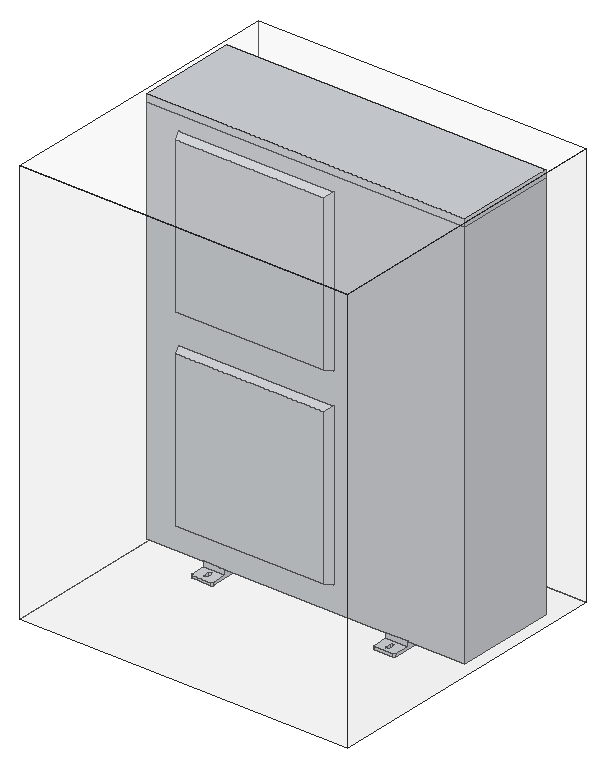
Revit family "puz-zrmp80sha_280ka12_50Hz", category 機械設備, Revit 2019 (continued)
Definition of nested family "PUZ-ZRMP-3"
  Dimensions and locks
    aligned and locked: Blend 4 sketch curve to plane 46
    aligned and locked: Blend 4 sketch curve to plane 48
    aligned and locked: Blend 4 to plane 8
    aligned and locked: plane 38 to Blend 4
    aligned and locked: curve 17 to plane 49
    aligned and locked: curve 1 to plane 49
    aligned and locked: plane 49 to curve 19
    aligned and locked: curve 18 to plane 50
    aligned and locked: plane 50 to curve 2
    aligned and locked: plane 50 to curve 20
    aligned and locked: plane 57 to Extrusion 5 sketch curve
    aligned and locked: plane 53 to Extrusion 5 sketch curve
    aligned and locked: plane 58 to Extrusion 6 sketch curve
    aligned and locked: plane 56 to Extrusion 6 sketch curve
    aligned and locked: plane 61 to Extrusion 7 sketch curve
    aligned and locked: plane 54 to Extrusion 7 sketch curve
    aligned and locked: plane 55 to Extrusion 7
    aligned and locked: Extrusion 7 to plane 62
    aligned and locked: plane 64 to Extrusion 6
    aligned and locked: plane 63 to Extrusion 5
    aligned and locked: Extrusion 6 to plane 60
    aligned and locked: Extrusion 5 to plane 59
    aligned and locked: plane 66 to Extrusion 8 sketch curve
    aligned and locked: plane 65 to Extrusion 8 sketch curve
    aligned and locked: Extrusion 8 to plane 60
    aligned and locked: plane 64 to Extrusion 8
    aligned and locked: Blend 9 sketch curve to plane 71
    aligned and locked: Blend 9 sketch curve to plane 72
    aligned and locked: Blend 9 sketch curve to plane 42
    aligned and locked: Blend 9 sketch curve to plane 41
    aligned and locked: plane 45 to Blend 9 sketch curve
    aligned and locked: Blend 9 sketch curve to plane 46
    aligned and locked: Blend 9 sketch curve to plane 73
    aligned and locked: plane 74 to Blend 9 sketch curve
    aligned and locked: Blend 9 to plane 8
    aligned and locked: plane 38 to Blend 9
    aligned and locked: plane 22 to Extrusion 10 sketch curve
    aligned and locked: plane 21 to Extrusion 10 sketch curve
    aligned and locked: Extrusion 10 sketch curve to Extrusion 1  (x4)
    aligned and locked: Extrusion 10 sketch curve to plane 23
    aligned and locked: Extrusion 10 sketch curve to plane 20
    aligned and locked: plane 24 to Extrusion 10
    aligned and locked: Extrusion 10 to level
    aligned and locked: plane 25 to Extrusion 11
    aligned and locked: Extrusion 11 to plane 26
    aligned and locked: Masking region 1 sketch curve to Extrusion 3  (x4)
    aligned and locked: Masking region 1 sketch curve to cut or joined group of Extrusion 1, Extrusion 10  (x8)
    aligned and locked: Masking region 1 sketch curve to Blend 9  (x3)
    aligned and locked: plane 51 to Extrusion 11 sketch curve
    aligned and locked: plane 52 to Extrusion 11 sketch curve
    aligned and locked: plane 76 to Extrusion 11 sketch curve
    aligned and locked: plane 77 to Extrusion 11 sketch curve
    aligned and locked: plane 78 to Extrusion 11 sketch curve
    aligned and locked: plane 79 to Extrusion 11 sketch curve
    aligned and locked: plane 75 to Extrusion 11 sketch curve  (x4)
  Automatic sketch dimensions
    plane 7 to Extrusion 1 sketch curve = 0 mm  (x2)
    Extrusion 1 sketch curve to plane 18 = 0 mm
    plane 8 to Extrusion 1 sketch curve = 0 mm  (x2)
    Extrusion 1 sketch curve to plane 19 = 0 mm
    Extrusion 1 sketch curve to plane 20 = 0 mm
    Extrusion 1 sketch curve to plane 21 = 0 mm
    curve 187 to curve 188 = 40 mm
    curve 186 to curve 190 = 13.333 mm
    curve 190 to curve 190 = 40 mm
    curve 186 to curve 193 = 0 mm
    curve 186 to curve 188 = 40 mm
    curve 188 to curve 191 = 0 mm
    curve 179 to curve 180 = 40 mm
    curve 178 to curve 182 = 120 mm
    curve 182 to curve 182 = 40 mm
    curve 178 to curve 185 = 0 mm
    curve 178 to curve 180 = 40 mm
    curve 182 to curve 183 = 40 mm
    curve 25 to plane 45 = 0 mm
    curve 24 to plane 45 = 0 mm
    curve 22 to plane 45 = 0 mm
    curve 23 to plane 45 = 0 mm
    curve 26 to plane 45 = 0 mm
    curve 21 to plane 45 = 0 mm
    curve 24 to plane 46 = 0 mm
    curve 25 to plane 46 = 0 mm
    curve 26 to plane 46 = 0 mm
    curve 23 to plane 46 = 0 mm
    curve 22 to plane 46 = 0 mm
    curve 21 to plane 46 = 0 mm
    curve 37 to plane 48 = 0 mm
    curve 52 to plane 48 = 0 mm
    curve 51 to plane 48 = 0 mm
    curve 50 to plane 48 = 0 mm
    curve 49 to plane 48 = 0 mm
    curve 48 to plane 48 = 0 mm
    curve 47 to plane 48 = 0 mm
    curve 46 to plane 48 = 0 mm
    curve 45 to plane 48 = 0 mm
    curve 44 to plane 48 = 0 mm
    curve 43 to plane 48 = 0 mm
    curve 42 to plane 48 = 0 mm
    curve 41 to plane 48 = 0 mm
    curve 27 to plane 48 = 0 mm
    curve 28 to plane 48 = 0 mm
    curve 40 to plane 48 = 0 mm
    curve 39 to plane 48 = 0 mm
    curve 29 to plane 48 = 0 mm
    curve 38 to plane 48 = 0 mm
    curve 30 to plane 48 = 0 mm
    curve 53 to plane 48 = 0 mm
    curve 31 to plane 48 = 0 mm
    curve 36 to plane 48 = 0 mm
    curve 32 to plane 48 = 0 mm
    curve 35 to plane 48 = 0 mm
    curve 33 to plane 48 = 0 mm
    curve 34 to plane 48 = 0 mm
    curve 28 to plane 47 = 0 mm
    curve 41 to plane 47 = 0 mm
    curve 27 to plane 47 = 0 mm
    curve 42 to plane 47 = 0 mm
    curve 31 to plane 47 = 0 mm
    curve 40 to plane 47 = 0 mm
    curve 37 to plane 47 = 0 mm
    curve 39 to plane 47 = 0 mm
    curve 32 to plane 47 = 0 mm
    curve 45 to plane 47 = 0 mm
    curve 36 to plane 47 = 0 mm
    curve 46 to plane 47 = 0 mm
    curve 43 to plane 47 = 0 mm
    curve 47 to plane 47 = 0 mm
    curve 29 to plane 47 = 0 mm
    curve 48 to plane 47 = 0 mm
    curve 30 to plane 47 = 0 mm
    curve 49 to plane 47 = 0 mm
    curve 44 to plane 47 = 0 mm
    curve 50 to plane 47 = 0 mm
    curve 33 to plane 47 = 0 mm
    curve 51 to plane 47 = 0 mm
    curve 35 to plane 47 = 0 mm
    curve 52 to plane 47 = 0 mm
    curve 38 to plane 47 = 0 mm
    curve 53 to plane 47 = 0 mm
    curve 34 to plane 47 = 0 mm
    plane 13 to curve 304 = 138 mm
    curve 304 to plane 46 = 0 mm
    curve 307 to plane 45 = 0 mm
    curve 306 to plane 45 = 0 mm
    curve 303 to plane 45 = 0 mm
    curve 308 to plane 45 = 0 mm
    curve 303 to plane 46 = 0 mm
    curve 306 to plane 46 = 0 mm
    curve 307 to plane 46 = 0 mm
    curve 308 to plane 46 = 0 mm
    curve 309 to plane 45 = 0 mm
    curve 309 to plane 46 = 0 mm
    curve 305 to plane 74 = 0 mm
    curve 305 to plane 73 = 0 mm
    curve 310 to plane 74 = 0 mm
    curve 310 to plane 73 = 0 mm
    curve 311 to plane 73 = 0 mm
    curve 311 to plane 74 = 0 mm
    curve 312 to plane 74 = 0 mm
    curve 312 to plane 73 = 0 mm
    curve 313 to plane 74 = 0 mm
    curve 313 to plane 73 = 0 mm
    curve 314 to plane 73 = 0 mm
    curve 314 to plane 74 = 0 mm
    curve 315 to plane 74 = 0 mm
    curve 315 to plane 73 = 0 mm
    curve 316 to plane 73 = 0 mm
    curve 316 to plane 74 = 0 mm
    curve 317 to plane 74 = 0 mm
    curve 317 to plane 73 = 0 mm
    curve 318 to plane 74 = 0 mm
    curve 318 to plane 73 = 0 mm
    curve 319 to plane 74 = 0 mm
    curve 319 to plane 73 = 0 mm
    curve 320 to plane 74 = 0 mm
    curve 320 to plane 73 = 0 mm
    curve 321 to plane 74 = 0 mm
    curve 321 to plane 73 = 0 mm
    curve 322 to plane 73 = 0 mm
    curve 322 to plane 74 = 0 mm
    curve 323 to plane 73 = 0 mm
    curve 323 to plane 74 = 0 mm
    curve 324 to plane 73 = 0 mm
    curve 324 to plane 74 = 0 mm
    curve 325 to plane 74 = 0 mm
    curve 325 to plane 73 = 0 mm
    curve 326 to plane 74 = 0 mm
    curve 326 to plane 73 = 0 mm
    curve 327 to plane 74 = 0 mm
    curve 327 to plane 73 = 0 mm
    curve 328 to plane 74 = 0 mm
    curve 328 to plane 73 = 0 mm
    curve 329 to plane 74 = 0 mm
    curve 329 to plane 73 = 0 mm
    curve 330 to plane 74 = 0 mm
    curve 330 to plane 73 = 0 mm
    curve 331 to plane 74 = 0 mm
    curve 331 to plane 73 = 0 mm
    curve 332 to plane 73 = 0 mm
    curve 332 to plane 74 = 0 mm
    curve 333 to plane 74 = 0 mm
    curve 333 to plane 73 = 0 mm
    curve 334 to plane 73 = 0 mm
    curve 334 to plane 74 = 0 mm
    curve 335 to plane 74 = 0 mm
    curve 335 to plane 73 = 0 mm
    Extrusion 10 sketch curve to plane 18 = 0 mm  (x2)
    plane 8 to Extrusion 10 sketch curve = 0 mm
    plane 23 to Extrusion 10 sketch curve = 0 mm
    plane 22 to Extrusion 10 sketch curve = 0 mm  (x3)
    plane 16 to Extrusion 10 sketch curve = 0 mm  (x3)
    plane 17 to Extrusion 10 sketch curve = 0 mm  (x3)
    Extrusion 10 sketch curve to plane 15 = 0 mm  (x2)
    Extrusion 10 sketch curve to plane 19 = 0 mm  (x2)
    Extrusion 10 sketch curve to plane 14 = 0 mm  (x2)
    plane 7 to Extrusion 10 sketch curve = 0 mm
    Extrusion 10 sketch curve to plane 18 = 5 mm
    plane 15 to Extrusion 10 sketch curve = 6 mm  (x2)
    plane 19 to Extrusion 10 sketch curve = 5 mm
    Extrusion 10 sketch curve to plane 20 = 5 mm
    plane 14 to Extrusion 10 sketch curve = 6 mm  (x2)
    plane 21 to Extrusion 10 sketch curve = 5 mm
    plane 38 to Extrusion 10 sketch curve = 10 mm  (x2)
    plane 19 to Masking region 1 sketch curve = 0 mm
    plane 21 to Masking region 1 sketch curve = 0 mm
    plane 7 to Masking region 1 sketch curve = 0 mm  (x2)
    Masking region 1 sketch curve to plane 20 = 0 mm
    Masking region 1 sketch curve to plane 18 = 0 mm
    plane 8 to Masking region 1 sketch curve = 0 mm  (x2)
    plane 38 to Masking region 1 sketch curve = 0 mm
    curve 352 to plane 6 = 0 mm
    plane 7 to curve 352 = 0 mm
    curve 353 to plane 18 = 0 mm
    curve 348 to plane 18 = 0 mm
    plane 8 to curve 346 = 0 mm
    curve 354 to plane 19 = 0 mm
    curve 347 to plane 19 = 0 mm
    curve 345 to plane 41 = 0 mm
    plane 38 to curve 344 = 0 mm
    curve 344 to plane 46 = 0 mm
    curve 357 to plane 20 = 0 mm
    curve 343 to plane 20 = 0 mm
    curve 358 to plane 21 = 0 mm
    curve 341 to plane 21 = 0 mm
    curve 339 to plane 45 = 0 mm
    curve 339 to plane 42 = 0 mm
    curve 337 to plane 5 = 0 mm
    plane 22 to curve 354 = 0 mm
    plane 22 to curve 358 = 0 mm
    plane 23 to curve 342 = 0 mm
    plane 23 to curve 347 = 0 mm
    curve 11 to plane 65 = 6 mm
    plane 18 to curve 352 = 28.157 mm
    plane 15 to curve 346 = 0.043 mm
    plane 21 to curve 338 = 11.963 mm
    curve 336 to plane 21 = 9.073 mm
    curve 344 to plane 21 = 22.105 mm
    plane 28 to curve 3 = 5 mm
    curve 3 to plane 45 = 38 mm
    curve 1 to plane 45 = 38 mm
    curve 3 to curve 5 = 0 mm
    curve 4 to plane 29 = 5 mm
    curve 372 to plane 65 = 6 mm
    plane 65 to curve 376 = 9 mm
    curve 12 to plane 65 = 6 mm
    curve 20 to plane 53 = 4 mm
    curve 2 to curve 16 = 15 mm
    plane 51 to curve 15 = 5 mm
Definition of nested family "固定点"
  Parameters (values of type "固定点")
    中心円 = if(W > 599 mm, 12 mm, 10 mm)  # 12 mm
    W = 1000 mm
    D = 1000 mm
  Reference planes
    plane 1 "中心(正面/背面)": y = 0
    plane 2: z = 0
    plane 3 "中心(左/右)": x = 0
    plane 4: x = 1000
    plane 5: y = 1000
  Lines and regions (mm)
    symbolic lines, detail levels fine
      curve 1: circle (0, 1000, 0) r 6 normal (0, 0, 1)
      curve 2: circle (0, 0, 0) r 6 normal (0, 0, 1)
      curve 3: circle (1000, 1000, 0) r 6 normal (0, 0, 1)
      curve 4: circle (1000, 0, 0) r 6 normal (0, 0, 1)
      curve 5: line (-200, 1000, 0) -> (1200, 1000, 0)
      curve 6: line (-200, 0, 0) -> (1200, 0, 0)
      curve 7: line (0, 1200, 0) -> (0, -200, 0)
      curve 8: line (1000, 1200, 0) -> (1000, -200, 0)
  Dimensions and locks
    "W": plane 3 "中心(左/右)" to plane 4
    "D": plane 1 "中心(正面/背面)" to plane 5
    "中心円": diameter of curve 1
    "中心円": diameter of curve 2
    "中心円": diameter of curve 3
    "中心円": diameter of curve 4
    aligned and locked: level to plane 2
    aligned and locked: plane 5 to curve 1
    aligned and locked: plane 3 "中心(左/右)" to curve 1
    aligned and locked: plane 3 "中心(左/右)" to curve 2
    aligned and locked: plane 1 "中心(正面/背面)" to curve 2
    aligned and locked: plane 4 to curve 3
    aligned and locked: plane 5 to curve 3
    aligned and locked: plane 1 "中心(正面/背面)" to curve 4
    aligned and locked: plane 4 to curve 4
    aligned and locked: plane 1 "中心(正面/背面)" to curve 6
    aligned and locked: curve 7 to plane 3 "中心(左/右)"
    aligned and locked: curve 8 to plane 4
  Automatic sketch dimensions
    curve 5 to plane 5 = 0 mm
    curve 6 to plane 3 "中心(左/右)" = 200 mm
    curve 5 to plane 3 "中心(左/右)" = 200 mm
    curve 4 to curve 6 = 200 mm
    curve 3 to curve 5 = 200 mm
    plane 1 "中心(正面/背面)" to curve 8 = 200 mm
    plane 1 "中心(正面/背面)" to curve 7 = 200 mm
    curve 3 to curve 8 = 200 mm
    curve 1 to curve 7 = 200 mm
Types (7, lengths in mm): name | 音響パワーレベル（冷）(dB) | 音響パワーレベル(dB) | 電源位置Z | 電源位置X | 電動機出力_送風機 | 電動機出力_圧縮機 | 質量 | 製品質量 | 相 | 消費電力_暖房 | 消費電力_冷房 | 消費電力 | 構成品番 | 極数 | 最小電線太さ_mm2 | 暖房能力 | 推奨ブレーカー容量 | 形名 | 価格 | ドレン　位置Y | ドレン　位置X | 冷房能力 | 冷媒管（ガス）位置X | 冷媒管（液）位置X | 冷媒管（ガス）位置Y | 冷媒管径符号 | 冷媒管位置Z | 冷媒管位置Y | 冷媒管位置X | 冷媒液管径 | 冷媒ガス管径 | Width | URL | Height | Clearance Right | Clearance Left | Clearance Front | Clearance Back
  PUZ-ZRMP80HA12 | 66 | 68 | 669 | 275 | 0.06 kW | 1.6 kW | 79.20 kg | 66.00 kg | 3 | 1.76 kW | 1.68 kW | 1.76 kW | "PUZ-ZRMP80HA" | 3 | 1.6 | 8 kW | 20 A | PUZ-ZRMP-2 : PUZ-ZRMP-2 | 784000 | 111 | 30 | 7.1 kW | 434 | 377 | 229 | "Bd" | 447 | 259.5 | 405.5 | 9.52 | 15.88 | 950 | "https://www.mitsubishielectric.co.jp/ldg/wink/ssl/displayProduct.do?pid=323523" | 943 | 10 | 10 | 500 | 100
  PUZ-ZRMP80SHA12 | 66 | 68 | 669 | 275 | 0.06 kW | 1.6 kW | 84.00 kg | 70.00 kg | 1 | 1.81 kW | 1.74 kW | 1.81 kW | "PUZ-ZRMP80SHA" | 1 | 1.6 | 8 kW | 30 A | PUZ-ZRMP-2 : PUZ-ZRMP-2 | 784000 | 111 | 30 | 7.1 kW | 434 | 377 | 229 | "Bd" | 447 | 259.5 | 405.5 | 9.52 | 15.88 | 950 | "https://www.mitsubishielectric.co.jp/ldg/wink/ssl/displayProduct.do?pid=323524" | 943 | 10 | 10 | 500 | 100
  PUZ-ZRMP112KA12 | 68 | 70 | 1063 | 325 | 0.12 kW | 2.1 kW | 118.80 kg | 99.00 kg | 3 | 2.22 kW | 2.21 kW | 2.22 kW | "PUZ-ZRMP112KA" | 3 | 1.6 | 11.2 kW | 30 A | PUZ-ZRMP-3 : PUZ-ZRMP112KA11 | 923000 | 176 | 45 | 10 kW | 483 | 423 | 234 | "Bd" | 450 | 262 | 453 | 9.52 | 15.88 | 1050 | "https://www.mitsubishielectric.co.jp/ldg/wink/ssl/displayProduct.do?pid=323528" | 1338 | 15 | 15 | 500 | 150
  PUZ-ZRMP140KA12 | 68 | 71 | 1063 | 325 | 0.12 kW | 2.8 kW | 118.80 kg | 99.00 kg | 3 | 2.98 kW | 3.02 kW | 3.02 kW | "PUZ-ZRMP140KA" | 3 | 1.6 | 14 kW | 30 A | PUZ-ZRMP-3 : PUZ-ZRMP112KA11 | 1110000 | 176 | 45 | 12.5 kW | 483 | 423 | 234 | "Bd" | 450 | 262 | 453 | 9.52 | 15.88 | 1050 | "https://www.mitsubishielectric.co.jp/ldg/wink/ssl/displayProduct.do?pid=323559" | 1338 | 15 | 15 | 500 | 150
  PUZ-ZRMP160KA12 | 70 | 73 | 1063 | 325 | 0.12 kW | 3.3 kW | 118.80 kg | 99.00 kg | 3 | 3.75 kW | 3.85 kW | 3.85 kW | "PUZ-ZRMP160KA" | 3 | 1.6 | 16 kW | 30 A | PUZ-ZRMP-3 : PUZ-ZRMP112KA11 | 1241000 | 176 | 45 | 14 kW | 483 | 423 | 234 | "Bd" | 450 | 262 | 453 | 9.52 | 15.88 | 1050 | "https://www.mitsubishielectric.co.jp/ldg/wink/ssl/displayProduct.do?pid=323533" | 1338 | 15 | 15 | 500 | 150
  PUZ-ZRMP224KA2 | 79 | 81 | 1063 | 325 | 0.3 kW | 4.6 kW | 156.00 kg | 130.00 kg | 3 | 4.96 kW | 5.33 kW | 5.33 kW | "PUZ-ZRMP224KA" | 3 | 2 | 22.4 kW | 40 A | PUZ-ZRMP-3 : PUZ-ZRMP224KA | 1609000 | 176 | 45 | 20 kW | 479 | 423 | 236 | "Bg" | 450 | 263 | 451 | 9.52 | 25.40 | 1050 | "https://www.mitsubishielectric.co.jp/ldg/wink/ssl/displayProduct.do?pid=323536" | 1338 | 15 | 15 | 1000 | 150
  PUZ-ZRMP280KA2 | 79 | 81 | 1063 | 325 | 0.4 kW | 5.7 kW | 160.80 kg | 134.00 kg | 3 | 6.8 kW | 7.95 kW | 7.95 kW | "PUZ-ZRMP280KA" | 3 | 2 | 28 kW | 50 A | PUZ-ZRMP-3 : PUZ-ZRMP224KA | 1987000 | 176 | 45 | 25 kW | 479 | 423 | 236 | "Cg" | 450 | 263 | 451 | 12.70 | 25.40 | 1050 | "https://www.mitsubishielectric.co.jp/ldg/wink/ssl/displayProduct.do?pid=323539" | 1338 | 15 | 15 | 1000 | 150
